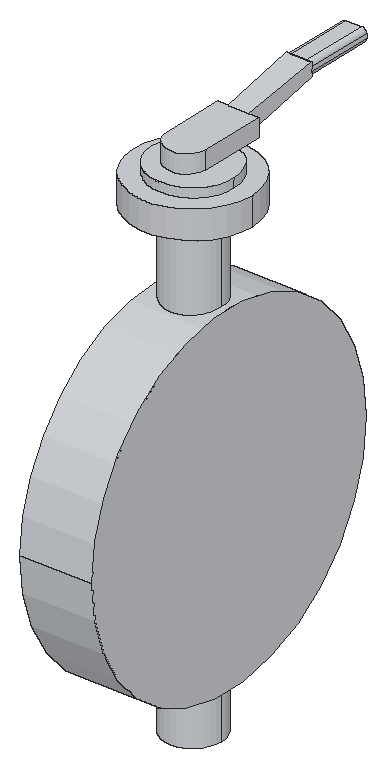
Revit family "HS497-68_disk-nerez_s pákou DN300-RFA_2018", category Pipe Accessories, Revit 2018
Family settings
  Round Connector Dimension = Use Diameter
  Part Type = Valve - Breaks Into
  Work Plane-Based = No
  Always vertical = Yes
  Cut with Voids When Loaded = No
  Shared = No
Parameters (values of type "HS 497-68_DN300_PN16_s pákou")
  magiProductId = ""
  magiProductFamilyId = "53cea81e6f374d17b8841d9c72ad77"
  magiPartTypeId = 305
  isMeasuringValve [instance] = no
  ang2D [instance] = 0.00°
  X11 = 88.77 mm
  X1 = 36.77 mm
  W2D = 1000 mm
  VersionID = "2.0/2017.9.26.1/ZETKAMA_497_001"
  Use Minimum Symbol Size [instance] = yes
  URL = "http://www.hydronic.cz"
  Type Comments = "mezipřírubová; nerezový disk; PN16; -10~+110°C (krátkodobě +120°C)"
  SW30 = no
  SW3 = no
  SW21 = no
  SW20 = yes
  SW2 = yes
  SW1 = no
  R = 150 mm
  QmdConnectorList = "301;D;302;D"
  Productdata [instance] = ""
  NC = 70 mm
  Manufacturer = "Hydronic Systems Prague s.r.o."
  MM20 = 36.77 mm
  MC Product Code = "121 300 (nerezový disk, s pákou; DN300; PN16, kvs7037)"
  M41 = 91.5 mm
  M4 = 61 mm
  LHL = 220 mm
  LHH3 = 2.45 mm
  LHH1 = 46.55 mm
  LH1 = 73.333 mm
  L4R__ve = -L4R  # -22.2 mm
  L4R = 22.2 mm
  L42__ve = -L42  # -166.5 mm
  L42 = 166.5 mm
  L41__ve = -L41  # -33.3 mm
  L41 = 33.3 mm
  L2D_Min = 3048 mm
  L2D = 216 mm
  L2 = 39 mm
  L1 = 62.4 mm
  L = 78 mm
  H = 23 mm
  G22 = 11.25 mm
  G2 = 22.5 mm
  G1 = 90 mm
  G = 130 mm
  F = 22 mm
  E44 = 62.5 mm
  E42 = 125 mm
  E4 = 250 mm
  E23 = 4.9 mm
  E22 = 19.6 mm
  E21 = 9.8 mm
  Description = "Mezipřírubová uzavírací klapka s pákou; nerezový disk, DN300; PN16; kvs7037"
  DR2 = 150 mm
  DR = 376 mm
  DD1 = 31.25 mm
  DD = 25 mm
  D = 300 mm
  CAT0 = yes
  B2__ve = -B2  # -90 mm
  B2 = 90 mm
  A2 = 30.8 mm
  A1 = 127.2 mm
Types (43, lengths in mm): name | magiProductId | X11 | X1 | Type Comments | SW30 | SW3 | SW20 | SW2 | SW1 | R | NC | Manufacturer | MM20 | MC Product Code | M41 | M4 | LHL | LHH3 | LHH1 | LH1 | L4R__ve | L4R | L42__ve | L42 | L41__ve | L41 | L2 | L1 | L | H | G | F | E44 | E42 | E4 | E23 | E22 | E21 | Description | DR2 | DR | DD1 | DD | D | B2__ve | B2 | A2 | A1
  HS 497-68_DN100_PN16_volné vřeteno | "65d1b245f4f142c78569c0602d5754" | 61.456 | 25.456 | "mezipřírubová; nerezový disk; PN16; -10~+110°C (krátkodobě +120°C)" | no | no | no | no | yes | 50 | 50 | "Hydronic Systems Prague s.r.o." | 25.456 | "124 100 (nerezový disk, s volným vřetenem; DN100; PN16, kvs512)" | 66 | 44 | 220 | 2.45 | 46.55 | 73.333 | -12.8 | 12.8 | -96 | 96 | -19.2 | 19.2 | 26 | 41.6 | 52 | 30 | 90 | 11 | 31.25 | 62.5 | 125 | 4.9 | 19.6 | 9.8 | "Mezipřírubová uzavírací klapka s volným vřetenem; nerezový disk, DN100; PN16; kvs512" | 50 | 147 | 15.625 | 12.5 | 100 | -56 | 56 | 16.5 | 98.5
  HS 497-68_DN100_PN16_převodové kolo | "11e91b807e674d428c8e796fcdcfe2" | 61.456 | 25.456 | "mezipřírubová; nerezový disk; PN16; -10~+110°C (krátkodobě +120°C)" | yes | yes | no | no | no | 50 | 50 | "Hydronic Systems Prague s.r.o." | 25.456 | "126 100 (nerezový disk, s převodovým kolem; DN100; PN16, kvs512)" | 65.25 | 43.5 | 220 | 2.45 | 46.55 | 73.333 | -12.8 | 12.8 | -96 | 96 | -19.2 | 19.2 | 26 | 41.6 | 52 | 30 | 90 | 11 | 31.25 | 62.5 | 125 | 4.9 | 19.6 | 9.8 | "Mezipřírubová uzavírací klapka s převodovým kolem; nerezový disk, DN100; PN16; kvs512" | 50 | 147 | 15.625 | 12.5 | 100 | -56 | 56 | 16.5 | 98.5
  HS 497-68_DN100_PN16_s pákou | "28172f0b3f4b47b28323ac71cf8749" | 61.456 | 25.456 | "mezipřírubová; nerezový disk; PN16; -10~+110°C (krátkodobě +120°C)" | no | no | yes | yes | no | 50 | 50 | "Hydronic Systems Prague s.r.o." | 25.456 | "121 100 (nerezový disk, s pákou; DN100; PN16, kvs512)" | 66 | 44 | 260 | 3 | 57 | 86.667 | -12.8 | 12.8 | -96 | 96 | -19.2 | 19.2 | 26 | 41.6 | 52 | 30 | 90 | 11 | 31.25 | 62.5 | 125 | 6 | 24 | 12 | "Mezipřírubová uzavírací klapka s pákou; nerezový disk, DN100; PN16; kvs512" | 50 | 147 | 15.625 | 12.5 | 100 | -56 | 56 | 16.5 | 98.5
  HS 497-68_DN125_PN16_volné vřeteno | "0d813d910fc14f628bb3c2efbd185c" | 61.456 | 25.456 | "mezipřírubová; nerezový disk; PN16; -10~+110°C (krátkodobě +120°C)" | no | no | no | no | yes | 62.5 | 50 | "Hydronic Systems Prague s.r.o." | 25.456 | "124 125 (nerezový disk, s volným vřetenem; DN125; PN16, kvs872)" | 66 | 44 | 220 | 2.45 | 46.55 | 73.333 | -12.8 | 12.8 | -96 | 96 | -19.2 | 19.2 | 28 | 44.8 | 56 | 33 | 90 | 14 | 31.25 | 62.5 | 125 | 4.9 | 19.6 | 9.8 | "Mezipřírubová uzavírací klapka s volným vřetenem; nerezový disk, DN125; PN16; kvs872" | 62.5 | 180 | 15.625 | 12.5 | 125 | -64 | 64 | 18 | 99.5
  HS 497-68_DN125_PN16_převodové kolo | "c56b7c13f372467684996fb1e0e229" | 61.456 | 25.456 | "mezipřírubová; nerezový disk; PN16; -10~+110°C (krátkodobě +120°C)" | yes | yes | no | no | no | 62.5 | 50 | "Hydronic Systems Prague s.r.o." | 25.456 | "126125 (nerezový disk, s převodovým kolem; DN125; PN16, kvs872)" | 65.25 | 43.5 | 220 | 2.45 | 46.55 | 73.333 | -13.5 | 13.5 | -101.25 | 101.25 | -20.25 | 20.25 | 28 | 44.8 | 56 | 33 | 90 | 14 | 40 | 80 | 160 | 4.9 | 19.6 | 9.8 | "Mezipřírubová uzavírací klapka s převodovým kolem; nerezový disk, DN125; PN16; kvs872" | 62.5 | 180 | 20 | 16 | 125 | -64 | 64 | 18 | 99.5
  HS 497-68_DN125_PN16_s pákou | "105993c79a91492399feef7931321a" | 61.456 | 25.456 | "mezipřírubová; nerezový disk; PN16; -10~+110°C (krátkodobě +120°C)" | no | no | yes | yes | no | 62.5 | 50 | "Hydronic Systems Prague s.r.o." | 25.456 | "121 125 (nerezový disk, s pákou; DN125; PN16, kvs872)" | 66 | 44 | 315 | 3.75 | 71.25 | 105 | -12.8 | 12.8 | -96 | 96 | -19.2 | 19.2 | 28 | 44.8 | 56 | 33 | 90 | 14 | 31.25 | 62.5 | 125 | 7.5 | 30 | 15 | "Mezipřírubová uzavírací klapka s pákou; nerezový disk, DN125; PN16; kvs872" | 62.5 | 180 | 15.625 | 12.5 | 125 | -64 | 64 | 18 | 99.5
  HS 497-68_DN150_PN16_volné vřeteno | "50c80cb8ab434f55ab7796e5ac1331" | 61.456 | 25.456 | "mezipřírubová; nerezový disk; PN16; -10~+110°C (krátkodobě +120°C)" | no | no | no | no | yes | 75 | 50 | "Hydronic Systems Prague s.r.o." | 25.456 | "124 150 (nerezový disk, s volným vřetenem; DN150; PN16, kvs1347)" | 66 | 44 | 220 | 2.45 | 46.55 | 73.333 | -12.8 | 12.8 | -96 | 96 | -19.2 | 19.2 | 28 | 44.8 | 56 | 33 | 90 | 14 | 31.25 | 62.5 | 125 | 4.9 | 19.6 | 9.8 | "Mezipřírubová uzavírací klapka s volným vřetenem; nerezový disk, DN150; PN16; kvs1347" | 75 | 206 | 15.625 | 12.5 | 150 | -58 | 58 | 19.3 | 98.7
  HS 497-68_DN150_PN16_převodové kolo | "d94a1a0cf83b476eb10011b327f709" | 61.456 | 25.456 | "mezipřírubová; nerezový disk; PN16; -10~+110°C (krátkodobě +120°C)" | yes | yes | no | no | no | 75 | 50 | "Hydronic Systems Prague s.r.o." | 25.456 | "126 150 (nerezový disk, s převodovým kolem; DN150; PN16, kvs1347)" | 65.25 | 43.5 | 220 | 2.45 | 46.55 | 73.333 | -13.5 | 13.5 | -101.25 | 101.25 | -20.25 | 20.25 | 28 | 44.8 | 56 | 33 | 90 | 14 | 40 | 80 | 160 | 4.9 | 19.6 | 9.8 | "Mezipřírubová uzavírací klapka s převodovým kolem; nerezový disk, DN150; PN16; kvs1347" | 75 | 206 | 20 | 16 | 150 | -58 | 58 | 19.3 | 98.7
  HS 497-68_DN150_PN16_s pákou | "4d2835523fe84828bc50ff0a5a0dfb" | 61.456 | 25.456 | "mezipřírubová; nerezový disk; PN16; -10~+110°C (krátkodobě +120°C)" | no | no | yes | yes | no | 75 | 50 | "Hydronic Systems Prague s.r.o." | 25.456 | "121 150 (nerezový disk, s pákou; DN150; PN16, kvs1347)" | 66 | 44 | 315 | 3.75 | 71.25 | 105 | -12.8 | 12.8 | -96 | 96 | -19.2 | 19.2 | 28 | 44.8 | 56 | 33 | 90 | 14 | 31.25 | 62.5 | 125 | 7.5 | 30 | 15 | "Mezipřírubová uzavírací klapka s pákou; nerezový disk, DN150; PN16; kvs1347" | 75 | 206 | 15.625 | 12.5 | 150 | -58 | 58 | 19.3 | 98.7
  HS 497-68_DN200_PN16_volné vřeteno | "5b29029eaeba47139ee1055a4b9201" | 61.456 | 25.456 | "mezipřírubová; nerezový disk; PN16; -10~+110°C (krátkodobě +120°C)" | no | no | no | no | yes | 100 | 50 | "Hydronic Systems Prague s.r.o." | 25.456 | "124 200 (nerezový disk, s volným vřetenem; DN200; PN16, kvs2675)" | 66 | 44 | 220 | 2.45 | 46.55 | 73.333 | -12.8 | 12.8 | -96 | 96 | -19.2 | 19.2 | 30 | 48 | 60 | 33 | 90 | 17 | 31.25 | 62.5 | 125 | 4.9 | 19.6 | 9.8 | "Mezipřírubová uzavírací klapka s volným vřetenem; nerezový disk, DN200; PN16; kvs2675" | 100 | 257 | 15.625 | 12.5 | 200 | -70 | 70 | 22.5 | 102.5
  HS 497-68_DN200_PN16_převodové kolo | "b2793cc1fcc44cf2a35062cd67c04f" | 61.456 | 25.456 | "mezipřírubová; nerezový disk; PN16; -10~+110°C (krátkodobě +120°C)" | yes | yes | no | no | no | 100 | 57 | "Hydronic Systems Prague s.r.o." | 25.456 | "126 200 (nerezový disk, s převodovým kolem; DN200; PN16, kvs2675)" | 78.75 | 52.5 | 220 | 2.45 | 46.55 | 73.333 | -15.2 | 15.2 | -114 | 114 | -22.8 | 22.8 | 30 | 48 | 60 | 33 | 90 | 17 | 50 | 100 | 200 | 4.9 | 19.6 | 9.8 | "Mezipřírubová uzavírací klapka s převodovým kolem; nerezový disk, DN200; PN16; kvs2675" | 100 | 257 | 25 | 20 | 200 | -70 | 70 | 22.5 | 102.5
  HS 497-68_DN200_PN16_s pákou | "f88d96c7af224537a51e72d7d8fffe" | 61.456 | 25.456 | "mezipřírubová; nerezový disk; PN16; -10~+110°C (krátkodobě +120°C)" | no | no | yes | yes | no | 100 | 50 | "Hydronic Systems Prague s.r.o." | 25.456 | "121 200 (nerezový disk, s pákou; DN200; PN16, kvs2675)" | 66 | 44 | 315 | 3.75 | 71.25 | 105 | -12.8 | 12.8 | -96 | 96 | -19.2 | 19.2 | 30 | 48 | 60 | 33 | 90 | 17 | 31.25 | 62.5 | 125 | 7.5 | 30 | 15 | "Mezipřírubová uzavírací klapka s pákou; nerezový disk, DN200; PN16; kvs2675" | 100 | 257 | 15.625 | 12.5 | 200 | -70 | 70 | 22.5 | 102.5
  HS 497-68_DN250_PN16_volné vřeteno | "b662e8305ca2402b9c510e66e6aa55" | 88.77 | 36.77 | "mezipřírubová; nerezový disk; PN16; -10~+110°C (krátkodobě +120°C)" | no | no | no | no | yes | 125 | 50 | "Hydronic Systems Prague s.r.o." | 36.77 | "124 250 (nerezový disk, s volným vřetenem; DN250; PN16, kvs4555)" | 66 | 44 | 220 | 2.45 | 46.55 | 73.333 | -12.8 | 12.8 | -96 | 96 | -19.2 | 19.2 | 34 | 54.4 | 68 | 23 | 130 | 22 | 31.25 | 62.5 | 125 | 4.9 | 19.6 | 9.8 | "Mezipřírubová uzavírací klapka s volným vřetenem; nerezový disk, DN250; PN16; kvs4555" | 125 | 324 | 15.625 | 12.5 | 250 | -85 | 85 | 28.25 | 129.25
  HS 497-68_DN250_PN16_převodové kolo | "5ee9016806664ddfaa2632711f295c" | 88.77 | 36.77 | "mezipřírubová; nerezový disk; PN16; -10~+110°C (krátkodobě +120°C)" | yes | yes | no | no | no | 125 | 70 | "Hydronic Systems Prague s.r.o." | 36.77 | "126 250 (nerezový disk, s převodovým kolem; DN250; PN16, kvs4555)" | 91.5 | 61 | 220 | 2.45 | 46.55 | 73.333 | -22.2 | 22.2 | -166.5 | 166.5 | -33.3 | 33.3 | 34 | 54.4 | 68 | 23 | 130 | 22 | 62.5 | 125 | 250 | 4.9 | 19.6 | 9.8 | "Mezipřírubová uzavírací klapka s převodovým kolem; nerezový disk, DN250; PN16; kvs4555" | 125 | 324 | 31.25 | 25 | 250 | -85 | 85 | 28.25 | 129.25
  HS 497-68_DN300_PN16_volné vřeteno | "e1886f51ff004380a649519258edf2" | 88.77 | 36.77 | "mezipřírubová; nerezový disk; PN16; -10~+110°C (krátkodobě +120°C)" | no | no | no | no | yes | 150 | 50 | "Hydronic Systems Prague s.r.o." | 36.77 | "124 300 (nerezový disk, s volným vřetenem; DN300; PN16, kvs7037)" | 66 | 44 | 220 | 2.45 | 46.55 | 73.333 | -12.8 | 12.8 | -96 | 96 | -19.2 | 19.2 | 39 | 62.4 | 78 | 23 | 130 | 22 | 31.25 | 62.5 | 125 | 4.9 | 19.6 | 9.8 | "Mezipřírubová uzavírací klapka s volným vřetenem; nerezový disk, DN300; PN16; kvs7037" | 150 | 376 | 15.625 | 12.5 | 300 | -90 | 90 | 30.8 | 127.2
  HS 497-68_DN300_PN16_převodové kolo | "6860f094f77d42088fbebc3c97f755" | 88.77 | 36.77 | "mezipřírubová; nerezový disk; PN16; -10~+110°C (krátkodobě +120°C)" | yes | yes | no | no | no | 150 | 70 | "Hydronic Systems Prague s.r.o." | 36.77 | "126 300 (nerezový disk, s převodovým kolem; DN300; PN16, kvs7037)" | 91.5 | 61 | 220 | 2.45 | 46.55 | 73.333 | -22.2 | 22.2 | -166.5 | 166.5 | -33.3 | 33.3 | 39 | 62.4 | 78 | 23 | 130 | 22 | 62.5 | 125 | 250 | 4.9 | 19.6 | 9.8 | "Mezipřírubová uzavírací klapka s převodovým kolem; nerezový disk, DN300; PN16; kvs7037" | 150 | 376 | 31.25 | 25 | 300 | -90 | 90 | 30.8 | 127.2
  HS 497-68_DN032_PN16_volné vřeteno | "8c5f65de52aa4067a77564107e31b2" | 61.456 | 25.456 | "mezipřírubová; nerezový disk; PN16; -10~+110°C (krátkodobě +120°C)" | no | no | no | no | yes | 16 | 50 | "Hydronic Systems Prague s.r.o." | 25.456 | "124 032 (nerezový disk, s volným vřetenem; DN32; PN16, kvs78)" | 66 | 44 | 220 | 2.45 | 46.55 | 73.333 | -12.8 | 12.8 | -96 | 96 | -19.2 | 19.2 | 16.5 | 26.4 | 33 | 30 | 90 | 11 | 31.25 | 62.5 | 125 | 4.9 | 19.6 | 9.8 | "Mezipřírubová uzavírací klapka s volným vřetenem; nerezový disk, DN32; PN16; kvs78" | 16 | 68 | 15.625 | 12.5 | 32 | -44.2 | 44.2 | 10.25 | 76.25
  HS 497-68_DN032_PN16_převodové kolo | "60aaeffa8b3a4e809ef000e4660060" | 61.456 | 25.456 | "mezipřírubová; nerezový disk; PN16; -10~+110°C (krátkodobě +120°C)" | yes | yes | no | no | no | 16 | 50 | "Hydronic Systems Prague s.r.o." | 25.456 | "126 032 (nerezový disk, s převodovým kolem; DN32; PN16, kvs78)" | 65.25 | 43.5 | 220 | 2.45 | 46.55 | 73.333 | -12.8 | 12.8 | -96 | 96 | -19.2 | 19.2 | 16.5 | 26.4 | 33 | 30 | 90 | 11 | 31.25 | 62.5 | 125 | 4.9 | 19.6 | 9.8 | "Mezipřírubová uzavírací klapka s převodovým kolem; nerezový disk, DN32; PN16; kvs78" | 16 | 68 | 15.625 | 12.5 | 32 | -44.2 | 44.2 | 10.25 | 76.25
  HS 497-68_DN032_PN16_s pákou | "9ad8088d610749a1b871aa2aad8007" | 61.456 | 25.456 | "mezipřírubová; nerezový disk; PN16; -10~+110°C (krátkodobě +120°C)" | no | no | yes | yes | no | 16 | 50 | "Hydronic Systems Prague s.r.o." | 25.456 | "121 032 (nerezový disk, s pákou; DN32; PN16, kvs78)" | 66 | 44 | 220 | 2.45 | 46.55 | 73.333 | -12.8 | 12.8 | -96 | 96 | -19.2 | 19.2 | 16.5 | 26.4 | 33 | 30 | 90 | 11 | 31.25 | 62.5 | 125 | 4.9 | 19.6 | 9.8 | "Mezipřírubová uzavírací klapka s pákou; nerezový disk, DN32; PN16; kvs78" | 16 | 68 | 15.625 | 12.5 | 32 | -44.2 | 44.2 | 10.25 | 76.25
  HS 497-68_DN350_PN10_volné vřeteno | "72a1e05f22944421b7e9596a877137" | 109.255 | 45.255 | "mezipřírubová; nerezový disk; PN10; -10~+110°C (krátkodobě +120°C)" | no | no | no | no | yes | 175 | 50 | "Hydronic Systems Prague s.r.o." | 45.255 | "124 350 (nerezový disk, s volným vřetenem; DN350; PN10, kvs10165)" | 66 | 44 | 220 | 2.45 | 46.55 | 73.333 | -12.8 | 12.8 | -96 | 96 | -19.2 | 19.2 | 39 | 62.4 | 78 | 31 | 160 | 22 | 31.25 | 62.5 | 125 | 4.9 | 19.6 | 9.8 | "Mezipřírubová uzavírací klapka s volným vřetenem; nerezový disk, DN350; PN10; kvs10165" | 175 | 430 | 15.625 | 12.5 | 350 | -88 | 88 | 33.85 | 129.65
  HS 497-68_DN350_PN10_převodové kolo | "a5a01426cb28494ba3afca92f1dace" | 109.255 | 45.255 | "mezipřírubová; nerezový disk; PN10; -10~+110°C (krátkodobě +120°C)" | yes | yes | no | no | no | 175 | 70 | "Hydronic Systems Prague s.r.o." | 45.255 | "126 350 (nerezový disk, s převodovým kolem; DN350; PN10, kvs10165)" | 91.5 | 61 | 220 | 2.45 | 46.55 | 73.333 | -22.2 | 22.2 | -166.5 | 166.5 | -33.3 | 33.3 | 39 | 62.4 | 78 | 31 | 160 | 22 | 62.5 | 125 | 250 | 4.9 | 19.6 | 9.8 | "Mezipřírubová uzavírací klapka s převodovým kolem; nerezový disk, DN350; PN10; kvs10165" | 175 | 430 | 31.25 | 25 | 350 | -88 | 88 | 33.85 | 129.65
  HS 497-68_DN400_PN10_volné vřeteno | "c70ebeb927c04ab99b176e257ad0a7" | 109.255 | 45.255 | "mezipřírubová; nerezový disk; PN10; -10~+110°C (krátkodobě +120°C)" | no | no | no | no | yes | 200 | 50 | "Hydronic Systems Prague s.r.o." | 45.255 | "124 400 (nerezový disk, s volným vřetenem; DN400; PN10, kvs13799)" | 66 | 44 | 220 | 2.45 | 46.55 | 73.333 | -12.8 | 12.8 | -96 | 96 | -19.2 | 19.2 | 51 | 81.6 | 102 | 31 | 160 | 27 | 31.25 | 62.5 | 125 | 4.9 | 19.6 | 9.8 | "Mezipřírubová uzavírací klapka s volným vřetenem; nerezový disk, DN400; PN10; kvs13799" | 200 | 485 | 15.625 | 12.5 | 400 | -108 | 108 | 38 | 142
  HS 497-68_DN400_PN10_převodové kolo | "cc64a4384dcb41b780d81810f4f293" | 109.255 | 45.255 | "mezipřírubová; nerezový disk; PN10; -10~+110°C (krátkodobě +120°C)" | yes | yes | no | no | no | 200 | 72.5 | "Hydronic Systems Prague s.r.o." | 45.255 | "126 400 (nerezový disk, s převodovým kolem; DN400; PN10, kvs13799)" | 103.5 | 69 | 220 | 2.45 | 46.55 | 73.333 | -27.8 | 27.8 | -208.5 | 208.5 | -41.7 | 41.7 | 51 | 81.6 | 102 | 31 | 160 | 27 | 75 | 150 | 300 | 4.9 | 19.6 | 9.8 | "Mezipřírubová uzavírací klapka s převodovým kolem; nerezový disk, DN400; PN10; kvs13799" | 200 | 485 | 37.5 | 30 | 400 | -108 | 108 | 38 | 142
  HS 497-68_DN040_PN16_volné vřeteno | "35f92312390745e88df5b5c325d9ee" | 61.456 | 25.456 | "mezipřírubová; nerezový disk; PN16; -10~+110°C (krátkodobě +120°C)" | no | no | no | no | yes | 20 | 50 | "Hydronic Systems Prague s.r.o." | 25.456 | "124 040 (nerezový disk, s volným vřetenem; DN40; PN16, kvs78)" | 66 | 44 | 220 | 2.45 | 46.55 | 73.333 | -12.8 | 12.8 | -96 | 96 | -19.2 | 19.2 | 16.5 | 26.4 | 33 | 30 | 90 | 11 | 31.25 | 62.5 | 125 | 4.9 | 19.6 | 9.8 | "Mezipřírubová uzavírací klapka s volným vřetenem; nerezový disk, DN40; PN16; kvs78" | 20 | 76 | 15.625 | 12.5 | 40 | -36 | 36 | 11 | 79
  HS 497-68_DN040_PN16_převodové kolo | "d88e968eae3445bc9b7b4e6ff35127" | 61.456 | 25.456 | "mezipřírubová; nerezový disk; PN16; -10~+110°C (krátkodobě +120°C)" | yes | yes | no | no | no | 20 | 50 | "Hydronic Systems Prague s.r.o." | 25.456 | "126 040 (nerezový disk, s převodovým kolem; DN40; PN16, kvs78)" | 65.25 | 43.5 | 220 | 2.45 | 46.55 | 73.333 | -12.8 | 12.8 | -96 | 96 | -19.2 | 19.2 | 16.5 | 26.4 | 33 | 30 | 90 | 11 | 31.25 | 62.5 | 125 | 4.9 | 19.6 | 9.8 | "Mezipřírubová uzavírací klapka s převodovým kolem; nerezový disk, DN40; PN16; kvs78" | 20 | 76 | 15.625 | 12.5 | 40 | -36 | 36 | 11 | 79
  HS 497-68_DN040_PN16_s pákou | "c1b522ca65b4407a98818f232eaacb" | 61.456 | 25.456 | "mezipřírubová; nerezový disk; PN16; -10~+110°C (krátkodobě +120°C)" | no | no | yes | yes | no | 20 | 50 | "Hydronic Systems Prague s.r.o." | 25.456 | "121 040 (nerezový disk, s pákou; DN40; PN16, kvs78)" | 66 | 44 | 220 | 2.45 | 46.55 | 73.333 | -12.8 | 12.8 | -96 | 96 | -19.2 | 19.2 | 16.5 | 26.4 | 33 | 30 | 90 | 11 | 31.25 | 62.5 | 125 | 4.9 | 19.6 | 9.8 | "Mezipřírubová uzavírací klapka s pákou; nerezový disk, DN40; PN16; kvs78" | 20 | 76 | 15.625 | 12.5 | 40 | -36 | 36 | 11 | 79
  HS 497-68_DN450_PN10_volné vřeteno | "a8358bc282f14872b3194e530e590a" | 129.74 | 53.74 | "mezipřírubová; nerezový disk; PN10; -10~+110°C (krátkodobě +120°C)" | no | no | no | no | yes | 225 | 50 | "Hydronic Systems Prague s.r.o." | 53.74 | "124 450 (nerezový disk, s volným vřetenem; DN450; PN10, kvs18514)" | 66 | 44 | 220 | 2.45 | 46.55 | 73.333 | -12.8 | 12.8 | -96 | 96 | -19.2 | 19.2 | 57 | 91.2 | 114 | 38 | 190 | 36 | 31.25 | 62.5 | 125 | 4.9 | 19.6 | 9.8 | "Mezipřírubová uzavírací klapka s volným vřetenem; nerezový, DN450; PN10; kvs18514" | 225 | 536 | 15.625 | 12.5 | 450 | -115 | 115 | 38.05 | 117.45
  HS 497-68_DN450_PN10_převodové kolo | "cdf2d80f54a9414f9cbe50647c0ebd" | 129.74 | 53.74 | "mezipřírubová; nerezový disk; PN10; -10~+110°C (krátkodobě +120°C)" | yes | yes | no | no | no | 225 | 91.5 | "Zetkama" | 53.74 | "126 450 (nerezový disk, s převodovým kolem; DN450; PN10, kvs18514)" | 144.75 | 96.5 | 220 | 2.45 | 46.55 | 73.333 | -32.1 | 32.1 | -240.75 | 240.75 | -48.15 | 48.15 | 57 | 91.2 | 114 | 38 | 190 | 36 | 100 | 200 | 400 | 4.9 | 19.6 | 9.8 | "Mezipřírubová uzavírací klapka s převodovým kolem; nerezový disk, DN450; PN10; kvs18514" | 225 | 536 | 50 | 40 | 450 | -115 | 115 | 38.05 | 117.45
  HS 497-68_DN500_PN10_volné vřeteno | "8c396e27bb2743f98f3c762b6517cd" | 143.397 | 59.397 | "mezipřírubová; nerezový disk; PN10; -10~+110°C (krátkodobě +120°C)" | no | no | no | no | yes | 250 | 50 | "Hydronic Systems Prague s.r.o." | 59.397 | "124 500 (nerezový disk, s volným vřetenem; DN500; PN10, kvs23805)" | 66 | 44 | 220 | 2.45 | 46.55 | 73.333 | -12.8 | 12.8 | -96 | 96 | -19.2 | 19.2 | 63.5 | 101.6 | 127 | 38 | 210 | 36 | 31.25 | 62.5 | 125 | 4.9 | 19.6 | 9.8 | "Mezipřírubová uzavírací klapka s volným vřetenem; nerezový disk, DN500; PN10; kvs23805" | 250 | 593 | 15.625 | 12.5 | 500 | -130 | 130 | 43.25 | 139.25
  HS 497-68_DN500_PN10_převodové kolo | "7647804f32e94cef828a7034a91a46" | 143.397 | 59.397 | "mezipřírubová; nerezový disk; PN10; -10~+110°C (krátkodobě +120°C)" | yes | yes | no | no | no | 250 | 91.5 | "Zetkama" | 59.397 | "126 500 (nerezový disk, s převodovým kolem; DN500; PN10, kvs23805)" | 144.75 | 96.5 | 220 | 2.45 | 46.55 | 73.333 | -32.1 | 32.1 | -240.75 | 240.75 | -48.15 | 48.15 | 63.5 | 101.6 | 127 | 38 | 210 | 36 | 100 | 200 | 400 | 4.9 | 19.6 | 9.8 | "Mezipřírubová uzavírací klapka s převodovým kolem; nerezový disk, DN500; PN10; kvs23805" | 250 | 593 | 50 | 40 | 500 | -130 | 130 | 43.25 | 139.25
  HS 497-68_DN050_volné vřeteno | "d71f296ecd6d4adf8f6e5d9853b4e0" | 61.456 | 25.456 | "mezipřírubová; nerezový disk; PN16; -10~+110°C (krátkodobě +120°C)" | no | no | no | no | yes | 25 | 50 | "Hydronic Systems Prague s.r.o." | 25.456 | "124 050 (nerezový disk, s volným vřetenem; DN50; PN16, kvs98)" | 66 | 44 | 220 | 2.45 | 46.55 | 73.333 | -12.8 | 12.8 | -96 | 96 | -19.2 | 19.2 | 21.5 | 34.4 | 43 | 30 | 90 | 11 | 31.25 | 62.5 | 125 | 4.9 | 19.6 | 9.8 | "Mezipřírubová uzavírací klapka s volným vřetenem; nerezový disk, DN50; PN16; kvs98" | 25 | 100 | 15.625 | 12.5 | 50 | -36.5 | 36.5 | 12 | 83
  HS 497-68_DN050_PN16_převodové kolo | "2fb080deeaed49c58418b94c1da5a4" | 61.456 | 25.456 | "mezipřírubová; nerezový disk; PN16; -10~+110°C (krátkodobě +120°C)" | yes | yes | no | no | no | 25 | 50 | "Hydronic Systems Prague s.r.o." | 25.456 | "126 050 (nerezový disk, s převodovým kolem; DN50; PN16, kvs98)" | 65.25 | 43.5 | 220 | 2.45 | 46.55 | 73.333 | -12.8 | 12.8 | -96 | 96 | -19.2 | 19.2 | 21.5 | 34.4 | 43 | 30 | 90 | 11 | 31.25 | 62.5 | 125 | 4.9 | 19.6 | 9.8 | "Mezipřírubová uzavírací klapka s převodovým kolem; nerezový disk, DN50; PN16; kvs98" | 25 | 100 | 15.625 | 12.5 | 50 | -36.5 | 36.5 | 12 | 83
  HS 497-68_DN050_PN16_s pákou | "dabc632061f94877a994b9b4e68112" | 61.456 | 25.456 | "mezipřírubová; nerezový disk; PN16; -10~+110°C (krátkodobě +120°C)" | no | no | yes | yes | no | 25 | 50 | "Hydronic Systems Prague s.r.o." | 25.456 | "121 050 (nerezový disk, s pákou; DN50; PN16, kvs98)" | 66 | 44 | 220 | 2.45 | 46.55 | 73.333 | -12.8 | 12.8 | -96 | 96 | -19.2 | 19.2 | 21.5 | 34.4 | 43 | 30 | 90 | 11 | 31.25 | 62.5 | 125 | 4.9 | 19.6 | 9.8 | "Mezipřírubová uzavírací klapka s pákou; nerezový disk, DN50; PN16; kvs98" | 25 | 100 | 15.625 | 12.5 | 50 | -36.5 | 36.5 | 12 | 83
  HS 497-68_DN600_PN10_volné vřeteno | "99d5892c14664fce81a7c5903f7711" | 143.397 | 59.397 | "mezipřírubová; nerezový disk; PN10; -10~+110°C (krátkodobě +120°C)" | no | no | no | no | yes | 300 | 50 | "Hydronic Systems Prague s.r.o." | 59.397 | "124 600 (nerezový disk, s volným vřetenem; DN600; PN10, kvs36778)" | 66 | 44 | 220 | 2.45 | 46.55 | 73.333 | -12.8 | 12.8 | -96 | 96 | -19.2 | 19.2 | 77 | 123.2 | 154 | 80 | 210 | 60 | 31.25 | 62.5 | 125 | 4.9 | 19.6 | 9.8 | "Mezipřírubová uzavírací klapka s volným vřetenem; nerezový disk, DN600; PN10; kvs36788" | 300 | 690 | 15.625 | 12.5 | 600 | -140 | 140 | 49.4 | 144.6
  HS 497-68_DN600_PN10_převodové kolo | "b1e26faab48a4c499f6bb11e7e3002" | 143.397 | 59.397 | "mezipřírubová; lnerezový disk; PN10; -10~+110°C (krátkodobě +120°C)" | yes | yes | no | no | no | 300 | 140 | "Hydronic Systems Prague s.r.o." | 59.397 | "126 600 (nerezový disk, s převodovým kolem; DN600; PN10, kvs36778)" | 206.25 | 137.5 | 220 | 2.45 | 46.55 | 73.333 | -40.8 | 40.8 | -306 | 306 | -61.2 | 61.2 | 77 | 123.2 | 154 | 80 | 210 | 60 | 125 | 250 | 500 | 4.9 | 19.6 | 9.8 | "Mezipřírubová uzavírací klapka s převodovým kolem; nerezový disk, DN600; PN10; kvs36788" | 300 | 690 | 62.5 | 50 | 600 | -140 | 140 | 49.4 | 144.6
  HS 497-68_DN065_PN16_volné vřeteno | "5e5e208646e34ec29f889baab5d08e" | 61.456 | 25.456 | "mezipřírubová; lnerezový disk; PN16; -10~+110°C (krátkodobě +120°C)" | no | no | no | no | yes | 32.5 | 50 | "Hydronic Systems Prague s.r.o." | 25.456 | "124 065 (nerezový disk, s volným vřetenem; DN65; PN16, kvs167)" | 66 | 44 | 220 | 2.45 | 46.55 | 73.333 | -12.8 | 12.8 | -96 | 96 | -19.2 | 19.2 | 23 | 36.8 | 46 | 30 | 90 | 11 | 31.25 | 62.5 | 125 | 4.9 | 19.6 | 9.8 | "Mezipřírubová uzavírací klapka s volným vřetenem; nerezový disk, DN65; PN16; kv167" | 32.5 | 108 | 15.625 | 12.5 | 65 | -36.5 | 36.5 | 13.5 | 89
  HS 497-68_DN065_PN16_převodové kolo | "654d74c8d15540b0bfe523d988ccb3" | 61.456 | 25.456 | "mezipřírubová; nerezový disk; PN16; -10~+110°C (krátkodobě +120°C)" | yes | yes | no | no | no | 32.5 | 50 | "Hydronic Systems Prague s.r.o." | 25.456 | "126 065 (nerezový disk, s převodovým kolem; DN65; PN16, kvs167)" | 65.25 | 43.5 | 220 | 2.45 | 46.55 | 73.333 | -12.8 | 12.8 | -96 | 96 | -19.2 | 19.2 | 23 | 36.8 | 46 | 30 | 90 | 11 | 31.25 | 62.5 | 125 | 4.9 | 19.6 | 9.8 | "Mezipřírubová uzavírací klapka s převodovým kolem; nerezový disk, DN65; PN16; kvs167" | 32.5 | 108 | 15.625 | 12.5 | 65 | -36.5 | 36.5 | 13.5 | 89
  HS 497-68_DN065_PN16_s pákou | "ebeb4b59db0641caaf6d6635ab37b9" | 61.456 | 25.456 | "mezipřírubová; nerezový disk; PN16; -10~+110°C (krátkodobě +120°C)" | no | no | yes | yes | no | 32.5 | 50 | "Hydronic Systems Prague s.r.o." | 25.456 | "121 065 (nerezový disk, s pákou; DN65; PN16, kvs167)" | 66 | 44 | 220 | 2.45 | 46.55 | 73.333 | -12.8 | 12.8 | -96 | 96 | -19.2 | 19.2 | 23 | 36.8 | 46 | 30 | 90 | 11 | 31.25 | 62.5 | 125 | 4.9 | 19.6 | 9.8 | "Mezipřírubová uzavírací klapka s pákou; nerezový disk, DN65; PN16; kvs167" | 32.5 | 108 | 15.625 | 12.5 | 65 | -36.5 | 36.5 | 13.5 | 89
  HS 497-68_DN080_PN16_volné vřeteno | "9e85c75c18654e1185a9c48ed6b00e" | 61.456 | 25.456 | "mezipřírubová; nerezový disk; PN16; -10~+110°C (krátkodobě +120°C)" | no | no | no | no | yes | 40 | 50 | "Hydronic Systems Prague s.r.o." | 25.456 | "124 080 (nerezový disk, s volným vřetenem; DN80; PN16, kvs258)" | 66 | 44 | 220 | 2.45 | 46.55 | 73.333 | -12.8 | 12.8 | -96 | 96 | -19.2 | 19.2 | 23 | 36.8 | 46 | 30 | 90 | 11 | 31.25 | 62.5 | 125 | 4.9 | 19.6 | 9.8 | "Mezipřírubová uzavírací klapka s volným vřetenem; nerezový disk, DN80; PN16; kvs258" | 40 | 124 | 15.625 | 12.5 | 80 | -54 | 54 | 14.1 | 86.9
  HS 497-68_DN080_PN16_převodové kolo | "5b3c8238c3d041e68c75b199e7ea46" | 61.456 | 25.456 | "mezipřírubová; nerezový disk; PN16; -10~+110°C (krátkodobě +120°C)" | yes | yes | no | no | no | 40 | 50 | "Hydronic Systems Prague s.r.o." | 25.456 | "126 080 (nerezový disk, s převodovým kolem; DN80; PN16, kvs258)" | 65.25 | 43.5 | 220 | 2.45 | 46.55 | 73.333 | -12.8 | 12.8 | -96 | 96 | -19.2 | 19.2 | 23 | 36.8 | 46 | 30 | 90 | 11 | 31.25 | 62.5 | 125 | 4.9 | 19.6 | 9.8 | "Mezipřírubová uzavírací klapka s převodovým kolem; nerezový disk, DN80; PN16; kvs258" | 40 | 124 | 15.625 | 12.5 | 80 | -54 | 54 | 14.1 | 86.9
  HS 497-68_DN080_PN16_s pákou | "e414795fab0f4eccb99bc3572c5477" | 61.456 | 25.456 | "mezipřírubová; nerezový disk; PN16; -10~+110°C (krátkodobě +120°C)" | no | no | yes | yes | no | 40 | 50 | "Hydronic Systems Prague s.r.o." | 25.456 | "121 080 (nerezový disk, s pákou; DN80; PN16, kvs258)" | 66 | 44 | 260 | 3 | 57 | 86.667 | -12.8 | 12.8 | -96 | 96 | -19.2 | 19.2 | 23 | 36.8 | 46 | 30 | 90 | 11 | 31.25 | 62.5 | 125 | 6 | 24 | 12 | "Mezipřírubová uzavírací klapka s pákou; nerezový disk, DN80; PN16; kvs258" | 40 | 124 | 15.625 | 12.5 | 80 | -54 | 54 | 14.1 | 86.9
  HS 497-68_DN250_PN16_s pákou | "" | 88.77 | 36.77 | "mezipřírubová; nerezový disk; PN16; -10~+110°C (krátkodobě +120°C)" | no | no | yes | yes | no | 125 | 70 | "Hydronic Systems Prague s.r.o." | 36.77 | "121 250 (nerezový disk, s ákou; DN250; PN16, kvs4555)" | 91.5 | 61 | 220 | 2.45 | 46.55 | 73.333 | -22.2 | 22.2 | -166.5 | 166.5 | -33.3 | 33.3 | 34 | 54.4 | 68 | 23 | 130 | 22 | 62.5 | 125 | 250 | 4.9 | 19.6 | 9.8 | "Mezipřírubová uzavírací klapka s pákou; nerezový disk, DN250; PN16; kvs4555" | 125 | 324 | 31.25 | 25 | 250 | -85 | 85 | 28.25 | 129.25
  HS 497-68_DN300_PN16_s pákou | "" | 88.77 | 36.77 | "mezipřírubová; nerezový disk; PN16; -10~+110°C (krátkodobě +120°C)" | no | no | yes | yes | no | 150 | 70 | "Hydronic Systems Prague s.r.o." | 36.77 | "121 300 (nerezový disk, s pákou; DN300; PN16, kvs7037)" | 91.5 | 61 | 220 | 2.45 | 46.55 | 73.333 | -22.2 | 22.2 | -166.5 | 166.5 | -33.3 | 33.3 | 39 | 62.4 | 78 | 23 | 130 | 22 | 62.5 | 125 | 250 | 4.9 | 19.6 | 9.8 | "Mezipřírubová uzavírací klapka s pákou; nerezový disk, DN300; PN16; kvs7037" | 150 | 376 | 31.25 | 25 | 300 | -90 | 90 | 30.8 | 127.2
Reference planes
  plane 1 "Center (Front/Back)": y = 0
  plane 2 "XYPLANE": z = 0
  plane 3 "Center (Left/Right)": x = 0
  plane 4 "473": x = -36.77
  plane 5 "472": x = -91.5
  plane 6 "471": y = -36.77
  plane 7 "470": y = 36.77
  plane 8 "469": x = -61
  plane 9 "468": y = -199.8
  plane 10 "467": y = -166.5
  plane 11 "466": z = 370.5
  plane 12 "465": z = 354.55
  plane 13 "464": y = 145.417
  plane 14 "463": z = 344.75
  plane 15 "462": z = 327.6
  plane 16 "461": z = 337.4
  plane 17 "460": y = 72.083
  plane 18 "459": x = -11.25
  plane 19 "458": x = 11.25
  plane 20 "457": y = -6.25
  plane 21 "456": x = -17.5
  plane 22 "455": x = 17.5
  plane 23 "454": z = 342.3
  plane 24 "453": y = 62.083
  plane 25 "452": y = -11.25
  plane 26 "451": x = -22.5
  plane 27 "450": x = 22.5
  plane 28 "449": z = 322.7
  plane 29 "448": z = 317.8
  plane 30 "447": z = -150
  plane 31 "446": z = 308
  plane 32 "445": z = 277.2
  plane 33 "444": z = 150
  plane 34 "443": x = 39
  plane 35 "442": x = -39
  plane 36 "441": z = 0
  plane 37 "440": y = 0
  plane 38 "439": x = 0
  plane 39 "438": z = 357
  plane 40 "437": z = 342.3
  plane 41 "436": x = 13.7
  plane 42 "435": x = -13.7
  plane 43 "434": y = 220
Forms (mm)
  Extrusion 1, solid, visible <- "SW3"
    sketch origin (-750, 0, 308) x (1, 0, 0) y (0, 1, 0)
      loop
        line (658.5, 36.77) -> (658.5, -36.77) -> (713.23, -36.77)
        arc (713.23, -36.77) -> (802, 0) -> (713.23, 36.77) r 52
        line (713.23, 36.77) -> (658.5, 36.77)
    from 0 to 125 <- "E42"
  Extrusion 2, solid, visible <- "SW30"
    sketch origin (0, -750, 0) x (0, 1, 0) y (0, 0, 1)
      loop
        circle (750, 370.5) r 15.625
    from 0 to 70 <- "NC"
  Extrusion 3, solid, visible <- "SW30"
    sketch origin (750, -199.8, 0) x (-1, 0, 0) y (0, 0, 1)
      loop
        circle (811, 370.5) r 125
    from 0 to -22.2 <- "L4R__ve"
  Extrusion 4, solid, visible <- "SW3"
    sketch origin (750, -166.5, 0) x (-1, 0, 0) y (0, 0, 1)
      loop
        circle (811, 370.5) r 15.625
    from 0 to -33.3 <- "L41__ve"
  Extrusion 5, solid, visible <- "SW30"
    sketch origin (750, 0, 0) x (-1, 0, 0) y (0, 0, 1)
      loop
        circle (811, 370.5) r 12.5
    from 0 to -166.5 <- "L42__ve"
  Blend 6, solid, visible <- "SW21"
    base sketch origin (750, 72.083, 0) x (-1, 0, 0) y (0, 0, 1)
      loop
        line (761.25, 337.4) -> (738.75, 337.4) -> (738.75, 327.6) -> (761.25, 327.6) -> (761.25, 337.4)
    top sketch origin (750, 72.083, 0) x (-1, 0, 0) y (0, 0, 1)
      loop
        line (761.25, 354.55) -> (738.75, 354.55) -> (738.75, 344.75) -> (761.25, 344.75) -> (761.25, 354.55)
    from 0 to 73.333
  Blend 7, solid, visible <- "SW21"
    base sketch origin (750, 62.083, 0) x (-1, 0, 0) y (0, 0, 1)
      loop
        line (761.25, 342.3) -> (738.75, 342.3) -> (738.75, 322.7) -> (761.25, 322.7) -> (761.25, 342.3)
    top sketch origin (750, 62.083, 0) x (-1, 0, 0) y (0, 0, 1)
      loop
        line (761.25, 337.4) -> (738.75, 337.4) -> (738.75, 327.6) -> (761.25, 327.6) -> (761.25, 337.4)
    from 0 to 10
  Blend 8, solid, visible <- "SW21"
    base sketch origin (-750, 0, 322.7) x (1, 0, 0) y (0, 1, 0)
      loop
        line (772.5, 62.083) -> (727.5, 62.083) -> (727.5, -11.25)
        arc (727.5, -11.25) -> (750, -31.25) -> (772.5, -11.25) r 22.656
        line (772.5, -11.25) -> (772.5, 62.083)
    top sketch origin (-750, 0, 322.7) x (1, 0, 0) y (0, 1, 0)
      loop
        line (767.5, 62.083) -> (732.5, 62.083) -> (732.5, -6.25)
        arc (732.5, -6.25) -> (750, -26.25) -> (767.5, -6.25) r 17.656
        line (767.5, -6.25) -> (767.5, 62.083)
    from 0 to 19.6
  Extrusion 9, solid, visible <- "SW2"
    sketch origin (-750, 0, 317.8) x (1, 0, 0) y (0, 1, 0)
      loop
        circle (750, 0) r 11.25
    from 0 to 4.9 <- "E23"
  Extrusion 10, solid, visible <- "SW2"
    sketch origin (-750, 0, 308) x (1, 0, 0) y (0, 1, 0)
      loop
        circle (750, 0) r 45
    from 0 to 9.8 <- "E21"
  Extrusion 11, solid, visible <- "CAT0"
    sketch origin (-750, 0, -150) x (1, 0, 0) y (0, 1, 0)
      loop
        circle (750, 0) r 31.2
    from 0 to -90 <- "B2__ve"
  Extrusion 12, solid, visible <- "CAT0"
    sketch origin (-750, 0, 277.2) x (1, 0, 0) y (0, 1, 0)
      loop
        circle (750, 0) r 65
    from 0 to 30.8 <- "A2"
  Extrusion 13, solid, visible <- "CAT0"
    sketch origin (-750, 0, 150) x (1, 0, 0) y (0, 1, 0)
      loop
        circle (750, 0) r 31.2
    from 0 to 127.2 <- "A1"
  Extrusion 14, solid, visible <- "CAT0"
    sketch origin (-39, -750, 0) x (0, 1, 0) y (0, 0, 1)
      loop
        circle (750, 0) r 188
    from 0 to 78 <- "L"
  Extrusion 15, solid, visible <- "SW1"
    sketch origin (-750, 0, 308) x (1, 0, 0) y (0, 1, 0)
      loop
        line (761, 11) -> (739, 11) -> (739, -11) -> (761, -11) -> (761, 11)
    from 0 to 23 <- "H"
  Blend 16, solid, visible <- "SW2"
    base sketch origin (750, 145.417, 0) x (-1, 0, 0) y (0, 0, 1)
      loop
        arc (763.7, 352) -> (762.236, 355.536) -> (758.7, 357) r 5
        line (758.7, 357) -> (741.3, 357)
        arc (741.3, 357) -> (737.764, 355.536) -> (736.3, 352) r 5
        line (736.3, 352) -> (736.3, 347.3)
        arc (736.3, 347.3) -> (737.764, 343.764) -> (741.3, 342.3) r 5
        line (741.3, 342.3) -> (758.7, 342.3)
        arc (758.7, 342.3) -> (762.236, 343.764) -> (763.7, 347.3) r 5
        line (763.7, 347.3) -> (763.7, 352)
    top sketch origin (750, 145.417, 0) x (-1, 0, 0) y (0, 0, 1)
      loop
        arc (763.7, 352) -> (762.236, 355.536) -> (758.7, 357) r 5
        line (758.7, 357) -> (741.3, 357)
        arc (741.3, 357) -> (737.764, 355.536) -> (736.3, 352) r 5
        line (736.3, 352) -> (736.3, 347.3)
        arc (736.3, 347.3) -> (737.764, 343.764) -> (741.3, 342.3) r 5
        line (741.3, 342.3) -> (758.7, 342.3)
        arc (758.7, 342.3) -> (762.236, 343.764) -> (763.7, 347.3) r 5
        line (763.7, 347.3) -> (763.7, 352)
    from 0 to 74.583
  Blend 17, solid, visible <- "SW20"
    base sketch origin (750, 145.417, 0) x (-1, 0, 0) y (0, 0, 1)
      loop
        line (763.7, 357) -> (736.3, 357) -> (736.3, 342.3) -> (763.7, 342.3) -> (763.7, 357)
    top sketch origin (750, 145.417, 0) x (-1, 0, 0) y (0, 0, 1)
      loop
        line (761.25, 342.3) -> (738.75, 342.3) -> (738.75, 322.7) -> (761.25, 322.7) -> (761.25, 342.3)
    from 0 to -83.333
  Extrusion 18, solid, visible <- "SW20"
    sketch origin (-750, 0, 322.7) x (1, 0, 0) y (0, 1, 0)
      loop
        line (772.5, 62.083) -> (727.5, 62.083) -> (727.5, -11.25)
        arc (727.5, -11.25) -> (750, -31.25) -> (772.5, -11.25) r 22.656
        line (772.5, -11.25) -> (772.5, 62.083)
    from 0 to 19.6 <- "E22"
  Extrusion 19, solid, not visible
    sketch origin (-39, -750, 0) x (0, 1, 0) y (0, 0, 1)
      loop
        circle (750, 0) r 10
    from 0 to 10
  Extrusion 20, solid, not visible
    sketch origin (39, -750, 0) x (0, 1, 0) y (0, 0, 1)
      loop
        circle (750, 0) r 10
    from 0 to -10
Lines and regions (mm)
  reference lines, not visible
    curve 1: circle (2, 2, 0) r 1 normal (0, 0, 1)
  reference lines
    curve 2: line (-36.77, -36.77, 308) -> (-36.77, 36.77, 308)
    curve 3: line (-17.5, -6.25, 322.7) -> (17.5, -6.25, 322.7)
    curve 4: line (-22.5, -11.25, 322.7) -> (22.5, -11.25, 322.7)
    curve 5: circle (0, 0, 308) r 1 normal (0, 0, 1)
    curve 6: line (-22.5, -11.25, 322.7) -> (22.5, -11.25, 322.7)
Dimensions and locks
  plane 1 "Center (Front/Back)" to curve 1 = 2 mm
  "X1": plane 3 "Center (Left/Right)" to plane 4 "473"
  "M41": plane 3 "Center (Left/Right)" to plane 5 "472"
  "MM20": plane 1 "Center (Front/Back)" to plane 6 "471"
  "MM20": plane 1 "Center (Front/Back)" to plane 7 "470"
  "M4": plane 3 "Center (Left/Right)" to plane 8 "469"
  "L41": plane 10 "467" to plane 9 "468"
  "L42": plane 1 "Center (Front/Back)" to plane 10 "467"
  "E44": plane 31 "446" to plane 11 "466"
  "LHH1": plane 31 "446" to plane 12 "465"
  "LH1": plane 17 "460" to plane 13 "464"
  "E21": plane 12 "465" to plane 14 "463"
  "E21": plane 16 "461" to plane 15 "462"
  "E23": plane 23 "454" to plane 16 "461"
  locked: plane 24 "453" to plane 17 "460" at 10
  "G22": plane 3 "Center (Left/Right)" to plane 18 "459"
  "G22": plane 3 "Center (Left/Right)" to plane 19 "458"
  locked: plane 25 "452" to plane 20 "457" at 5
  locked: plane 26 "451" to plane 21 "456" at 5
  locked: plane 27 "450" to plane 22 "455" at 5
  "E22": plane 28 "449" to plane 23 "454"
  "LH1": plane 25 "452" to plane 24 "453"
  "G22": plane 1 "Center (Front/Back)" to plane 25 "452"
  "G2": plane 3 "Center (Left/Right)" to plane 26 "451"
  "G2": plane 3 "Center (Left/Right)" to plane 27 "450"
  "E23": plane 29 "448" to plane 28 "449"
  "E21": plane 31 "446" to plane 29 "448"
  "R": plane 2 "XYPLANE" to plane 30 "447"
  "A2": plane 32 "445" to plane 31 "446"
  "A1": plane 33 "444" to plane 32 "445"
  "DR2": plane 2 "XYPLANE" to plane 33 "444"
  "L2": plane 3 "Center (Left/Right)" to plane 34 "443"
  "L2": plane 3 "Center (Left/Right)" to plane 35 "442"
  locked: plane 2 "XYPLANE" to plane 36 "441"
  locked: plane 1 "Center (Front/Back)" to plane 37 "440"
  locked: plane 3 "Center (Left/Right)" to plane 38 "439"
  "LHH3": plane 12 "465" to plane 39 "438"
  "LHH3": plane 14 "463" to plane 40 "437"
  "LHH3": plane 19 "458" to plane 41 "436"
  "LHH3": plane 18 "459" to plane 42 "435"
  "LHL": plane 1 "Center (Front/Back)" to plane 43 "434"
  "X11": curve 2 to Extrusion 1 sketch curve
  Extrusion 1 sketch curve to Extrusion 1 sketch curve = 0 mm  (x8)
  Blend 6 sketch curve to Blend 6 sketch curve = 0 mm  (x16)
  Blend 7 sketch curve to Blend 7 sketch curve = 0 mm  (x16)
  Blend 8 sketch curve to Blend 8 sketch curve = 0 mm  (x16)
  equal spacing: Extrusion 15 sketch curve, curve 5, Extrusion 15 sketch curve  (x2)
  "F": Extrusion 15 sketch curve to Extrusion 15 sketch curve  (x2)
  Blend 16 sketch curve to Blend 16 sketch curve = 0 mm  (x32)
  Blend 17 sketch curve to Blend 17 sketch curve = 0 mm  (x16)
  Extrusion 18 sketch curve to Extrusion 18 sketch curve = 0 mm  (x8)
  "DD1": diameter of Extrusion 2 sketch curve
  "E4": diameter of Extrusion 3 sketch curve
  "DD1": diameter of Extrusion 4 sketch curve
  "DD": diameter of Extrusion 5 sketch curve
  "G2": diameter of Extrusion 9 sketch curve
  "G1": diameter of Extrusion 10 sketch curve
  "L1": diameter of Extrusion 11 sketch curve
  "G": diameter of Extrusion 12 sketch curve
  "L1": diameter of Extrusion 13 sketch curve
  "DR": diameter of Extrusion 14 sketch curve
  radius of Blend 16 sketch curve = 5 mm  (x8)
  aligned and locked: level to plane 2 "XYPLANE"
  aligned and locked: Extrusion 1 sketch curve to plane 5 "472"
  aligned and locked: plane 7 "470" to Extrusion 1 sketch curve
  aligned and locked: plane 6 "471" to Extrusion 1 sketch curve
  aligned and locked: plane 5 "472" to Extrusion 1 sketch curve
  aligned and locked: plane 4 "473" to Extrusion 1 sketch curve  (x2)
  aligned and locked: plane 4 "473" to curve 2
  aligned and locked: plane 6 "471" to curve 2
  aligned and locked: plane 7 "470" to curve 2
  aligned and locked: Extrusion 1 sketch curve to plane 7 "470"
  aligned and locked: plane 11 "466" to Extrusion 2 sketch curve
  aligned and locked: plane 37 "440" to Extrusion 2 sketch curve
  aligned and locked: plane 8 "469" to Extrusion 3 sketch curve
  aligned and locked: plane 11 "466" to Extrusion 3 sketch curve
  aligned and locked: plane 8 "469" to Extrusion 4 sketch curve
  aligned and locked: plane 11 "466" to Extrusion 4 sketch curve
  aligned and locked: plane 8 "469" to Extrusion 5 sketch curve
  aligned and locked: plane 11 "466" to Extrusion 5 sketch curve
  aligned and locked: plane 12 "465" to Blend 6 sketch curve  (x2)
  aligned and locked: plane 18 "459" to Blend 6 sketch curve  (x4)
  aligned and locked: plane 19 "458" to Blend 6 sketch curve  (x4)
  aligned and locked: plane 14 "463" to Blend 6 sketch curve  (x2)
  aligned and locked: plane 16 "461" to Blend 6 sketch curve  (x2)
  aligned and locked: plane 15 "462" to Blend 6 sketch curve  (x2)
  aligned and locked: plane 13 "464" to Blend 6
  aligned and locked: plane 16 "461" to Blend 7 sketch curve  (x2)
  aligned and locked: plane 18 "459" to Blend 7 sketch curve  (x4)
  aligned and locked: plane 19 "458" to Blend 7 sketch curve  (x4)
  aligned and locked: plane 15 "462" to Blend 7 sketch curve  (x2)
  aligned and locked: plane 23 "454" to Blend 7 sketch curve  (x2)
  aligned and locked: plane 28 "449" to Blend 7 sketch curve  (x2)
  aligned and locked: plane 17 "460" to Blend 7
  aligned and locked: plane 24 "453" to Blend 8 sketch curve  (x4)
  aligned and locked: plane 22 "455" to Blend 8 sketch curve  (x2)
  aligned and locked: plane 21 "456" to Blend 8 sketch curve
  aligned and locked: plane 20 "457" to Blend 8 sketch curve  (x2)
  aligned and locked: curve 3 to plane 20 "457"
  aligned and locked: plane 21 "456" to curve 3
  aligned and locked: plane 22 "455" to curve 3
  aligned and locked: plane 27 "450" to Blend 8 sketch curve  (x2)
  aligned and locked: plane 26 "451" to Blend 8 sketch curve
  aligned and locked: plane 25 "452" to Blend 8 sketch curve  (x2)
  aligned and locked: curve 4 to plane 25 "452"
  aligned and locked: plane 26 "451" to curve 4
  aligned and locked: plane 27 "450" to curve 4
  aligned and locked: plane 23 "454" to Blend 8
  aligned and locked: plane 37 "440" to Extrusion 9 sketch curve
  aligned and locked: plane 38 "439" to Extrusion 9 sketch curve
  aligned and locked: plane 37 "440" to Extrusion 10 sketch curve
  aligned and locked: plane 38 "439" to Extrusion 10 sketch curve
  aligned and locked: plane 37 "440" to Extrusion 11 sketch curve
  aligned and locked: plane 38 "439" to Extrusion 11 sketch curve
  aligned and locked: plane 37 "440" to Extrusion 12 sketch curve
  aligned and locked: plane 38 "439" to Extrusion 12 sketch curve
  aligned and locked: plane 37 "440" to Extrusion 13 sketch curve
  aligned and locked: plane 38 "439" to Extrusion 13 sketch curve
  aligned and locked: plane 36 "441" to Extrusion 14 sketch curve
  aligned and locked: Extrusion 14 sketch curve to plane 37 "440"
  aligned and locked: plane 37 "440" to curve 5
  aligned and locked: plane 38 "439" to curve 5
  aligned and locked: plane 39 "438" to Blend 16 sketch curve  (x2)
  aligned and locked: plane 41 "436" to Blend 16 sketch curve  (x2)
  aligned and locked: Blend 16 sketch curve to plane 40 "437"  (x2)
  aligned and locked: Blend 16 sketch curve to plane 42 "435"  (x2)
  aligned and locked: plane 43 "434" to Blend 16
  aligned and locked: plane 23 "454" to Blend 17 sketch curve  (x2)
  aligned and locked: plane 18 "459" to Blend 17 sketch curve  (x2)
  aligned and locked: plane 19 "458" to Blend 17 sketch curve  (x2)
  aligned and locked: plane 28 "449" to Blend 17 sketch curve  (x2)
  aligned and locked: plane 39 "438" to Blend 17 sketch curve  (x2)
  aligned and locked: plane 42 "435" to Blend 17 sketch curve  (x2)
  aligned and locked: plane 41 "436" to Blend 17 sketch curve  (x2)
  aligned and locked: plane 40 "437" to Blend 17 sketch curve  (x2)
  aligned and locked: Blend 17 to plane 24 "453"
  aligned and locked: plane 24 "453" to Extrusion 18 sketch curve  (x2)
  aligned and locked: plane 27 "450" to Extrusion 18 sketch curve  (x2)
  aligned and locked: plane 26 "451" to Extrusion 18 sketch curve
  aligned and locked: plane 25 "452" to Extrusion 18 sketch curve  (x2)
  aligned and locked: curve 6 to plane 25 "452"
  aligned and locked: plane 26 "451" to curve 6
  aligned and locked: plane 27 "450" to curve 6
  aligned and locked: plane 36 "441" to Extrusion 19 sketch curve
  aligned and locked: Extrusion 19 sketch curve to plane 37 "440"
  aligned and locked: plane 36 "441" to Extrusion 20 sketch curve
  aligned and locked: Extrusion 20 sketch curve to plane 37 "440"
Automatic sketch dimensions
  Blend 8 sketch curve to plane 20 "457" = 2.344 mm  (x2)
  Extrusion 18 sketch curve to plane 20 "457" = 2.344 mm
  plane 25 "452" to Extrusion 19 sketch curve = 1.25 mm
  plane 25 "452" to Extrusion 20 sketch curve = 1.25 mm
  plane 3 "Center (Left/Right)" to curve 1 = 2 mm
  Extrusion 15 sketch curve to plane 3 "Center (Left/Right)" = 11 mm
  Extrusion 15 sketch curve to plane 20 "457" = 4.75 mm
  radius of curve 5 = 1 mm
  radius of curve 1 = 1 mm
Connectors
  piping at (-39, 0, 0), diameter 300, driven by "D"
    settings: on Extrusion 19, index 1, connector inside diameter 609.6 mm, connector length 0 mm, flow factor 0, pipe flow 0.0 L/s, pressure drop 0.0 Pa, fitting loss kfactor 0, connector angle 0.00°, fixture units 0, engagement length 0 mm, angle of deflection 0.00°, flow configuration 0, flow direction 0, fitting loss method 0, system type 29, joint type 0, gender type 0, connector reference index 2, connector utility 0, adjustable connector no, is connector primary yes, connector description ""
  piping at (39, 0, 0), diameter 300, driven by "D"
    settings: on Extrusion 20, index 2, connector inside diameter 609.6 mm, connector length 0 mm, flow factor 0, pipe flow 0.0 L/s, pressure drop 0.0 Pa, fitting loss kfactor 0, connector angle 0.00°, fixture units 0, engagement length 0 mm, angle of deflection 0.00°, flow configuration 0, flow direction 0, fitting loss method 0, system type 29, joint type 0, gender type 0, connector reference index 1, connector utility 0, adjustable connector no, is connector primary no, connector description ""
